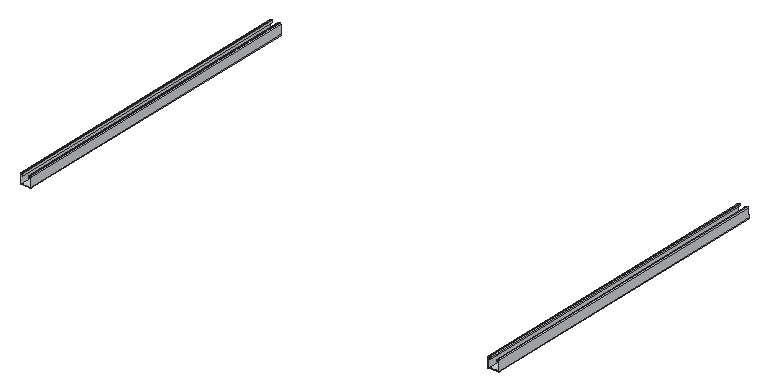
Revit family "PreFab Strut Frame 20 teir", category Electrical Fixtures, host Face, Revit 2018
Family settings
  Host = Face
  Maintain Annotation Orientation = No
  Round Connector Dimension = Use Diameter
  Part Type = Normal
  Cut with Voids When Loaded = No
  Shared = No
  Room Calculation Point = No
Parameters (values of type "PreFab Strut Frame")
  v9 [instance] = if(Strut Needed = 9, 1 < 2, if(Strut Needed = 10, 1 < 2, if(Strut Needed = 11, 1 < 2, if(Strut Needed = 12, 1 < 2, if(Strut Needed = 13, 1 < 2, if(Strut Needed = 14, 1 < 2, if(Strut Needed = 15, 1 < 2, if(Strut Needed = 16, 1 < 2, if(Strut Needed = 17, 1 < 2, if(Strut Needed = 18, 1 < 2, if(Strut Needed = 19, 1 < 2, if(Strut Needed = 20, 1 < 2, 1 > 2))))))))))))  # no
  v8 [instance] = if(Strut Needed = 8, 1 < 2, if(Strut Needed = 9, 1 < 2, if(Strut Needed = 10, 1 < 2, if(Strut Needed = 11, 1 < 2, if(Strut Needed = 12, 1 < 2, if(Strut Needed = 13, 1 < 2, if(Strut Needed = 14, 1 < 2, if(Strut Needed = 15, 1 < 2, if(Strut Needed = 16, 1 < 2, if(Strut Needed = 17, 1 < 2, if(Strut Needed = 18, 1 < 2, if(Strut Needed = 19, 1 < 2, if(Strut Needed = 20, 1 < 2, 1 > 2)))))))))))))  # no
  v7 [instance] = if(Strut Needed = 7, 1 < 2, if(Strut Needed = 8, 1 < 2, if(Strut Needed = 9, 1 < 2, if(Strut Needed = 10, 1 < 2, if(Strut Needed = 11, 1 < 2, if(Strut Needed = 12, 1 < 2, if(Strut Needed = 13, 1 < 2, if(Strut Needed = 14, 1 < 2, if(Strut Needed = 15, 1 < 2, if(Strut Needed = 16, 1 < 2, if(Strut Needed = 17, 1 < 2, if(Strut Needed = 18, 1 < 2, if(Strut Needed = 19, 1 < 2, if(Strut Needed = 20, 1 < 2, 1 > 2))))))))))))))  # no
  v6 [instance] = if(Strut Needed = 6, 1 < 2, if(Strut Needed = 7, 1 < 2, if(Strut Needed = 8, 1 < 2, if(Strut Needed = 9, 1 < 2, if(Strut Needed = 10, 1 < 2, if(Strut Needed = 11, 1 < 2, if(Strut Needed = 12, 1 < 2, if(Strut Needed = 13, 1 < 2, if(Strut Needed = 14, 1 < 2, if(Strut Needed = 15, 1 < 2, if(Strut Needed = 16, 1 < 2, if(Strut Needed = 17, 1 < 2, if(Strut Needed = 18, 1 < 2, if(Strut Needed = 19, 1 < 2, if(Strut Needed = 20, 1 < 2, 1 > 2)))))))))))))))  # no
  v5 [instance] = if(Strut Needed = 5, 1 < 2, if(Strut Needed = 6, 1 < 2, if(Strut Needed = 7, 1 < 2, if(Strut Needed = 8, 1 < 2, if(Strut Needed = 9, 1 < 2, if(Strut Needed = 10, 1 < 2, if(Strut Needed = 11, 1 < 2, if(Strut Needed = 12, 1 < 2, if(Strut Needed = 13, 1 < 2, if(Strut Needed = 14, 1 < 2, if(Strut Needed = 15, 1 < 2, if(Strut Needed = 16, 1 < 2, if(Strut Needed = 17, 1 < 2, if(Strut Needed = 18, 1 < 2, if(Strut Needed = 19, 1 < 2, if(Strut Needed = 20, 1 < 2, 1 > 2))))))))))))))))  # no
  v4 [instance] = if(Strut Needed = 4, 1 < 2, if(Strut Needed = 5, 1 < 2, if(Strut Needed = 6, 1 < 2, if(Strut Needed = 7, 1 < 2, if(Strut Needed = 8, 1 < 2, if(Strut Needed = 9, 1 < 2, if(Strut Needed = 10, 1 < 2, if(Strut Needed = 11, 1 < 2, if(Strut Needed = 12, 1 < 2, if(Strut Needed = 13, 1 < 2, if(Strut Needed = 14, 1 < 2, if(Strut Needed = 15, 1 < 2, if(Strut Needed = 16, 1 < 2, if(Strut Needed = 17, 1 < 2, if(Strut Needed = 18, 1 < 2, if(Strut Needed = 19, 1 < 2, if(Strut Needed = 20, 1 < 2, 1 > 2)))))))))))))))))  # no
  v3 [instance] = if(Strut Needed = 3, 1 < 2, if(Strut Needed = 4, 1 < 2, if(Strut Needed = 5, 1 < 2, if(Strut Needed = 6, 1 < 2, if(Strut Needed = 7, 1 < 2, if(Strut Needed = 8, 1 < 2, if(Strut Needed = 9, 1 < 2, if(Strut Needed = 10, 1 < 2, if(Strut Needed = 11, 1 < 2, if(Strut Needed = 12, 1 < 2, if(Strut Needed = 13, 1 < 2, if(Strut Needed = 14, 1 < 2, if(Strut Needed = 15, 1 < 2, if(Strut Needed = 16, 1 < 2, if(Strut Needed = 17, 1 < 2, if(Strut Needed = 18, 1 < 2, if(Strut Needed = 19, 1 < 2, if(Strut Needed = 20, 1 < 2, 1 > 2))))))))))))))))))  # no
  v20 [instance] = if(Strut Needed = 20, 1 < 2, 1 > 2)  # no
  v2 [instance] = if(Strut Needed = 2, 1 < 2, if(Strut Needed = 3, 1 < 2, if(Strut Needed = 4, 1 < 2, if(Strut Needed = 5, 1 < 2, if(Strut Needed = 6, 1 < 2, if(Strut Needed = 7, 1 < 2, if(Strut Needed = 8, 1 < 2, if(Strut Needed = 9, 1 < 2, if(Strut Needed = 10, 1 < 2, if(Strut Needed = 11, 1 < 2, if(Strut Needed = 12, 1 < 2, if(Strut Needed = 13, 1 < 2, if(Strut Needed = 14, 1 < 2, if(Strut Needed = 15, 1 < 2, if(Strut Needed = 16, 1 < 2, if(Strut Needed = 17, 1 < 2, if(Strut Needed = 18, 1 < 2, if(Strut Needed = 19, 1 < 2, if(Strut Needed = 20, 1 < 2, 1 > 2)))))))))))))))))))  # no
  v19 [instance] = if(Strut Needed = 19, 1 < 2, if(Strut Needed = 20, 1 < 2, 1 > 2))  # no
  v18 [instance] = if(Strut Needed = 18, 1 < 2, if(Strut Needed = 19, 1 < 2, if(Strut Needed = 20, 1 < 2, 1 > 2)))  # no
  v17 [instance] = if(Strut Needed = 17, 1 < 2, if(Strut Needed = 18, 1 < 2, if(Strut Needed = 19, 1 < 2, if(Strut Needed = 20, 1 < 2, 1 > 2))))  # no
  v16 [instance] = if(Strut Needed = 16, 1 < 2, if(Strut Needed = 17, 1 < 2, if(Strut Needed = 18, 1 < 2, if(Strut Needed = 19, 1 < 2, if(Strut Needed = 20, 1 < 2, 1 > 2)))))  # no
  v15 [instance] = if(Strut Needed = 15, 1 < 2, if(Strut Needed = 16, 1 < 2, if(Strut Needed = 17, 1 < 2, if(Strut Needed = 18, 1 < 2, if(Strut Needed = 19, 1 < 2, if(Strut Needed = 20, 1 < 2, 1 > 2))))))  # no
  v14 [instance] = if(Strut Needed = 14, 1 < 2, if(Strut Needed = 15, 1 < 2, if(Strut Needed = 16, 1 < 2, if(Strut Needed = 17, 1 < 2, if(Strut Needed = 18, 1 < 2, if(Strut Needed = 19, 1 < 2, if(Strut Needed = 20, 1 < 2, 1 > 2)))))))  # no
  v13 [instance] = if(Strut Needed = 13, 1 < 2, if(Strut Needed = 14, 1 < 2, if(Strut Needed = 15, 1 < 2, if(Strut Needed = 16, 1 < 2, if(Strut Needed = 17, 1 < 2, if(Strut Needed = 18, 1 < 2, if(Strut Needed = 19, 1 < 2, if(Strut Needed = 20, 1 < 2, 1 > 2))))))))  # no
  v12 [instance] = if(Strut Needed = 12, 1 < 2, if(Strut Needed = 13, 1 < 2, if(Strut Needed = 14, 1 < 2, if(Strut Needed = 15, 1 < 2, if(Strut Needed = 16, 1 < 2, if(Strut Needed = 17, 1 < 2, if(Strut Needed = 18, 1 < 2, if(Strut Needed = 19, 1 < 2, if(Strut Needed = 20, 1 < 2, 1 > 2)))))))))  # no
  v11 [instance] = if(Strut Needed = 11, 1 < 2, if(Strut Needed = 12, 1 < 2, if(Strut Needed = 13, 1 < 2, if(Strut Needed = 14, 1 < 2, if(Strut Needed = 15, 1 < 2, if(Strut Needed = 16, 1 < 2, if(Strut Needed = 17, 1 < 2, if(Strut Needed = 18, 1 < 2, if(Strut Needed = 19, 1 < 2, if(Strut Needed = 20, 1 < 2, 1 > 2))))))))))  # no
  v10 [instance] = if(Strut Needed = 10, 1 < 2, if(Strut Needed = 11, 1 < 2, if(Strut Needed = 12, 1 < 2, if(Strut Needed = 13, 1 < 2, if(Strut Needed = 14, 1 < 2, if(Strut Needed = 15, 1 < 2, if(Strut Needed = 16, 1 < 2, if(Strut Needed = 17, 1 < 2, if(Strut Needed = 18, 1 < 2, if(Strut Needed = 19, 1 < 2, if(Strut Needed = 20, 1 < 2, 1 > 2)))))))))))  # no
  v1 [instance] = if(Strut Needed = 1, 1 < 2, if(Strut Needed = 2, 1 < 2, if(Strut Needed = 3, 1 < 2, if(Strut Needed = 4, 1 < 2, if(Strut Needed = 5, 1 < 2, if(Strut Needed = 6, 1 < 2, if(Strut Needed = 7, 1 < 2, if(Strut Needed = 8, 1 < 2, if(Strut Needed = 9, 1 < 2, if(Strut Needed = 10, 1 < 2, if(Strut Needed = 11, 1 < 2, if(Strut Needed = 12, 1 < 2, if(Strut Needed = 13, 1 < 2, if(Strut Needed = 14, 1 < 2, if(Strut Needed = 15, 1 < 2, if(Strut Needed = 16, 1 < 2, if(Strut Needed = 17, 1 < 2, if(Strut Needed = 18, 1 < 2, if(Strut Needed = 19, 1 < 2, if(Strut Needed = 20, 1 < 2, 1 > 2))))))))))))))))))))  # no
  Width of Frame [instance] = 6' - 0"
  Right Overhang [instance] = 0' - 0 13/16"  # constant formula
  Strut Needed [instance] = 0
  Left Overhang [instance] = 0' - 0 13/16"  # constant formula
  Height of 9th Strut [instance] = 1' - 6"
  Height of 8th Strut [instance] = 1' - 4"
  Height of 7th Strut [instance] = 1' - 2"
  Height of 6th Strut [instance] = 1' - 0"
  Height of 3rd Strut [instance] = 0' - 6"
  Height of 5th Strut [instance] = 0' - 10"
  Height of 4th Strut [instance] = 0' - 8"
  Height of 2nd Strut [instance] = 0' - 4"
  Height of 20th Strut [instance] = 3' - 4"
  Height of 1st Strut [instance] = 0' - 2"
  Height of 19th Strut [instance] = 3' - 2"
  Height of 18th Strut [instance] = 3' - 0"
  Height of 17th Strut [instance] = 2' - 10"
  Height of 16th Strut [instance] = 2' - 8"
  Height of 15th Strut [instance] = 2' - 6"
  Height of 14th Strut [instance] = 2' - 4"
  Height of 13th Strut [instance] = 2' - 2"
  Height of 12th Strut [instance] = 2' - 0"
  Height of 11th Strut [instance] = 1' - 10"
  Height of 10th Strut [instance] = 1' - 8"
  Height Of Vertical Strut [instance] = 4' - 0"
  Floor Base Plates [instance] = no
  Default Elevation = 4' - 0"
Reference planes (in)
  plane 1 "Center (Front/Back)": y = 0
  plane 2: z = 0
  plane 3 "Center (Left/Right)": x = 0
  plane 4: x = -36
  plane 5: x = 36
  plane 6: y = 36
  plane 7: y = -12
  plane 8: y = -10
  plane 9: z = 1.625
  plane 10: x = 36.8125
  plane 11: x = -36.8125
  plane 12: y = -8
  plane 13: y = -6
  plane 14: y = -4
  plane 15: y = -2
  plane 16: y = 0
  plane 17: y = 2
  plane 18: y = 4
  plane 19: y = 6
  plane 20: y = 8
  plane 21: y = 10
  plane 22: y = 12
  plane 23: y = 14
  plane 24: y = 16
  plane 25: y = 18
  plane 26: y = 20
  plane 27: y = 22
  plane 28: y = 24
  plane 29: y = 26
  plane 30: y = 28
Dimensions and locks (in)
  "Height Of Vertical Strut": plane 7 to plane 6
  equal spacing: plane 4, plane 3 "Center (Left/Right)", plane 5
  "Width of Frame": plane 4 to plane 5
  "Left Overhang": plane 11 to plane 4
  "Right Overhang": plane 5 to plane 10
  "Height of 1st Strut": plane 8 to plane 7
  "Height of 2nd Strut": plane 12 to plane 7
  "Height of 3rd Strut": plane 13 to plane 7
  "Height of 4th Strut": plane 14 to plane 7
  "Height of 5th Strut": plane 15 to plane 7
  "Height of 6th Strut": plane 16 to plane 7
  "Height of 7th Strut": plane 17 to plane 7
  "Height of 8th Strut": plane 18 to plane 7
  "Height of 9th Strut": plane 19 to plane 7
  "Height of 10th Strut": plane 20 to plane 7
  "Height of 11th Strut": plane 21 to plane 7
  "Height of 12th Strut": plane 22 to plane 7
  "Height of 13th Strut": plane 23 to plane 7
  "Height of 14th Strut": plane 24 to plane 7
  "Height of 15th Strut": plane 25 to plane 7
  "Height of 16th Strut": plane 26 to plane 7
  "Height of 17th Strut": plane 27 to plane 7
  "Height of 18th Strut": plane 28 to plane 7
  "Height of 19th Strut": plane 29 to plane 7
  "Height of 20th Strut": plane 30 to plane 7
  aligned and locked: plane 2 to host face
  aligned and locked: level to host face
  aligned and locked: nested 3 to plane 8
  aligned and locked: plane 10 to nested 3
  aligned and locked: plane 11 to nested 3
  aligned and locked: nested 22 to plane 30
  aligned and locked: nested 21 to plane 29
  aligned and locked: nested 20 to plane 28
  aligned and locked: nested 19 to plane 27
  aligned and locked: nested 18 to plane 26
  aligned and locked: nested 17 to plane 25
  aligned and locked: nested 16 to plane 24
  aligned and locked: nested 15 to plane 23
  aligned and locked: nested 14 to plane 22
  aligned and locked: nested 13 to plane 21
  aligned and locked: nested 12 to plane 20
  aligned and locked: nested 11 to plane 19
  aligned and locked: nested 10 to plane 18
  aligned and locked: nested 9 to plane 17
  aligned and locked: nested 8 to plane 16
  aligned and locked: nested 7 to plane 15
  aligned and locked: nested 6 to plane 14
  aligned and locked: nested 5 to plane 13
  aligned and locked: nested 4 to plane 12
  aligned and locked: nested 1 to plane 6
  aligned and locked: plane 7 to nested 1
  aligned and locked: plane 4 to nested 1
  aligned and locked: plane 5 to nested 2
  aligned and locked: plane 7 to nested 2
  aligned and locked: plane 11 to nested 22
  aligned and locked: plane 11 to nested 21
  aligned and locked: plane 11 to nested 20
  aligned and locked: plane 11 to nested 19
  aligned and locked: plane 11 to nested 18
  aligned and locked: plane 11 to nested 17
  aligned and locked: plane 11 to nested 16
  aligned and locked: plane 11 to nested 15
  aligned and locked: plane 11 to nested 14
  aligned and locked: plane 11 to nested 13
  aligned and locked: plane 11 to nested 12
  aligned and locked: plane 11 to nested 11
  aligned and locked: plane 11 to nested 10
  aligned and locked: plane 11 to nested 9
  aligned and locked: plane 11 to nested 8
  aligned and locked: plane 11 to nested 7
  aligned and locked: plane 11 to nested 6
  aligned and locked: plane 11 to nested 5
  aligned and locked: plane 11 to nested 4
  aligned and locked: plane 10 to nested 4
  aligned and locked: plane 10 to nested 5
  aligned and locked: plane 10 to nested 6
  aligned and locked: plane 10 to nested 7
  aligned and locked: plane 10 to nested 8
  aligned and locked: plane 10 to nested 9
  aligned and locked: plane 10 to nested 10
  aligned and locked: plane 10 to nested 11
  aligned and locked: plane 10 to nested 12
  aligned and locked: plane 10 to nested 13
  aligned and locked: plane 10 to nested 14
  aligned and locked: plane 10 to nested 15
  aligned and locked: plane 10 to nested 16
  aligned and locked: plane 10 to nested 17
  aligned and locked: plane 10 to nested 18
  aligned and locked: plane 10 to nested 19
  aligned and locked: plane 10 to nested 20
  aligned and locked: plane 10 to nested 21
  aligned and locked: plane 10 to nested 22
  aligned and locked: plane 4 to nested 23
  aligned and locked: plane 5 to nested 24
  aligned and locked: nested 2 to plane 6
Automatic sketch dimensions
  host sketch curve to host sketch curve = 8' - 0"  (x2)
Nested families (in)
  nested 1: "Unistrut" at (-36, 12, 0) x (0, 1, 0) z (0, 0, 1), type "Unistrut - Side Facing - 1 5/8""
    with Strut Length 4' - 0", Spacing From Wall 0' - 0"
  nested 2: "Unistrut" at (36, 12, 0) x (0, 1, 0) z (0, 0, 1), type "Unistrut - Side Facing - 1 5/8""
    with Strut Length 4' - 0", Spacing From Wall 0' - 0"
  nested 3: "Unistrut" at (0, -10, 1.625), visible <- "v1", type "Unistrut - Side Facing - 13/16""
    with Strut Length 6' - 1 5/8", Spacing From Wall 0' - 0"
  nested 4: "Unistrut" at (0, -8, 1.625), visible <- "v2", type "Unistrut - Side Facing - 13/16""
    with Strut Length 6' - 1 5/8", Spacing From Wall 0' - 0"
  nested 5: "Unistrut" at (0, -6, 1.625), visible <- "v3", type "Unistrut - Side Facing - 13/16""
    with Strut Length 6' - 1 5/8", Spacing From Wall 0' - 0"
  nested 6: "Unistrut" at (0, -4, 1.625), visible <- "v4", type "Unistrut - Side Facing - 13/16""
    with Strut Length 6' - 1 5/8", Spacing From Wall 0' - 0"
  nested 7: "Unistrut" at (0, -2, 1.625), visible <- "v5", type "Unistrut - Side Facing - 13/16""
    with Strut Length 6' - 1 5/8", Spacing From Wall 0' - 0"
  nested 8: "Unistrut" at (0, 0, 1.625), visible <- "v6", type "Unistrut - Side Facing - 13/16""
    with Strut Length 6' - 1 5/8", Spacing From Wall 0' - 0"
  nested 9: "Unistrut" at (0, 2, 1.625), visible <- "v7", type "Unistrut - Side Facing - 13/16""
    with Strut Length 6' - 1 5/8", Spacing From Wall 0' - 0"
  nested 10: "Unistrut" at (0, 4, 1.625), visible <- "v8", type "Unistrut - Side Facing - 13/16""
    with Strut Length 6' - 1 5/8", Spacing From Wall 0' - 0"
  nested 11: "Unistrut" at (0, 6, 1.625), visible <- "v9", type "Unistrut - Side Facing - 13/16""
    with Strut Length 6' - 1 5/8", Spacing From Wall 0' - 0"
  nested 12: "Unistrut" at (0, 8, 1.625), visible <- "v10", type "Unistrut - Side Facing - 13/16""
    with Strut Length 6' - 1 5/8", Spacing From Wall 0' - 0"
  nested 13: "Unistrut" at (0, 10, 1.625), visible <- "v11", type "Unistrut - Side Facing - 13/16""
    with Strut Length 6' - 1 5/8", Spacing From Wall 0' - 0"
  nested 14: "Unistrut" at (0, 12, 1.625), visible <- "v12", type "Unistrut - Side Facing - 13/16""
    with Strut Length 6' - 1 5/8", Spacing From Wall 0' - 0"
  nested 15: "Unistrut" at (0, 14, 1.625), visible <- "v13", type "Unistrut - Side Facing - 13/16""
    with Strut Length 6' - 1 5/8", Spacing From Wall 0' - 0"
  nested 16: "Unistrut" at (0, 16, 1.625), visible <- "v14", type "Unistrut - Side Facing - 13/16""
    with Strut Length 6' - 1 5/8", Spacing From Wall 0' - 0"
  nested 17: "Unistrut" at (0, 18, 1.625), visible <- "v15", type "Unistrut - Side Facing - 13/16""
    with Strut Length 6' - 1 5/8", Spacing From Wall 0' - 0"
  nested 18: "Unistrut" at (0, 20, 1.625), visible <- "v16", type "Unistrut - Side Facing - 13/16""
    with Strut Length 6' - 1 5/8", Spacing From Wall 0' - 0"
  nested 19: "Unistrut" at (0, 22, 1.625), visible <- "v17", type "Unistrut - Side Facing - 13/16""
    with Strut Length 6' - 1 5/8", Spacing From Wall 0' - 0"
  nested 20: "Unistrut" at (0, 24, 1.625), visible <- "v18", type "Unistrut - Side Facing - 13/16""
    with Strut Length 6' - 1 5/8", Spacing From Wall 0' - 0"
  nested 21: "Unistrut" at (0, 26, 1.625), visible <- "v19", type "Unistrut - Side Facing - 13/16""
    with Strut Length 6' - 1 5/8", Spacing From Wall 0' - 0"
  nested 22: "Unistrut" at (0, 28, 1.625), visible <- "v20", type "Unistrut - Side Facing - 13/16""
    with Strut Length 6' - 1 5/8", Spacing From Wall 0' - 0"
  nested 23: "'18 - Floor Mounting Base Plate - face based" at (-36, -12, 0.8125) x (1, 0, 0) z (0, 1, 0), visible <- "Floor Base Plates", type "'18 - Floor Mounting Base Plate - face based"
  nested 24: "'18 - Floor Mounting Base Plate - face based" at (36, -12, 0.8125) x (-1, 0, 0) z (0, 1, 0), visible <- "Floor Base Plates", type "'18 - Floor Mounting Base Plate - face based"
Definition of nested family "Unistrut"
  Parameters (values of type "Unistrut - Up Facing - 1 5/8"")
    Up Facing Small = if(and(Strut Size = 0' 0 13/16", Up), 1 = 1, 1 = 2)  # no
    Up Facing Big = if(and(Strut Size = 0' 1 5/8", Up), 1 = 1, 1 = 2)  # yes
    Up = yes
    Strut Size = 0' - 1 5/8"
    Strut Length [instance] = 1' - 0"
    Spacing From Wall [instance] = 0' - 0"
    Side Facing Small = if(and(Strut Size = 0' 0 13/16", Side), 1 = 1, 1 = 2)  # no
    Side Facing Big = if(and(Strut Size = 0' 1 5/8", Side), 1 = 1, 1 = 2)  # no
    Side = no
    Down Facing Small = if(and(Strut Size = 0' 0 13/16", Down), 1 = 1, 1 = 2)  # no
    Down Facing Big = if(and(Strut Size = 0' 1 5/8", Down), 1 = 1, 1 = 2)  # no
    Down = no
    Default Elevation = 4' - 0"
  Types (6): name | Up Facing Small | Up Facing Big | Up | Strut Size | Side Facing Small | Side Facing Big | Side | Down Facing Small | Down Facing Big | Down
    Unistrut - Side Facing - 13/16" | no | no | no | 0' - 0 13/16" | yes | no | yes | no | no | no
    Unistrut - Side Facing - 1 5/8" | no | no | no | 0' - 1 5/8" | no | yes | yes | no | no | no
    Unistrut - Down Facing - 13/16" | no | no | no | 0' - 0 13/16" | no | no | no | yes | no | yes
    Unistrut - Down Facing - 1 5/8" | no | no | no | 0' - 1 5/8" | no | no | no | no | yes | yes
    Unistrut - Up Facing - 13/16" | yes | no | yes | 0' - 0 13/16" | no | no | no | no | no | no
    Unistrut - Up Facing - 1 5/8" | no | yes | yes | 0' - 1 5/8" | no | no | no | no | no | no
  Reference planes (in)
    plane 1 "Center (Front/Back)": y = 0
    plane 2: z = 0
    plane 3 "Center (Left/Right)": x = 0
    plane 4: x = -6
    plane 5: x = 6
    plane 6: z = 0
  Forms (in)
    Extrusion 1, solid
      sketch origin (0, 0, 0) x (1, 0, 0) y (0, 1, 0)
        loop
          line (-48, 48) -> (-48, -48) -> (48, -48) -> (48, 48) -> (-48, 48)
      from 0 to -12
  Dimensions and locks (in)
    equal spacing: plane 4, plane 3 "Center (Left/Right)", plane 5
    "Strut Length": plane 4 to plane 5
    "Spacing From Wall": plane 6 to Extrusion 1
    aligned and locked: plane 2 to Extrusion 1
    aligned and locked: level to Extrusion 1
    aligned and locked: plane 5 to nested 4
    aligned and locked: plane 4 to nested 3
    aligned and locked: plane 5 to nested 3
    aligned and locked: nested 1 to plane 5
    aligned and locked: nested 1 to plane 4
    aligned and locked: plane 4 to nested 2
    aligned and locked: plane 5 to nested 2
    aligned and locked: plane 4 to nested 4
    aligned and locked: nested 4 to plane 6
    aligned and locked: nested 2 to plane 6
    aligned and locked: nested 1 to plane 6
    aligned and locked: nested 3 to plane 6
    aligned and locked: plane 4 to nested 6
    aligned and locked: plane 5 to nested 6
    aligned and locked: plane 5 to nested 5
    aligned and locked: plane 4 to nested 5
    aligned and locked: nested 6 to plane 6
    aligned and locked: nested 5 to plane 6
  Automatic sketch dimensions
    Extrusion 1 sketch curve to Extrusion 1 sketch curve = 8' - 0"  (x2)
  Nested families (in)
    nested 1: "Unistrut Model Base - 13_16 in - Up Open" at (0, 0.7378374, 0.8125) x (-1, 0, 0) z (0, 0, 1), visible <- "Side Facing Small", type "Unistrut Model Base - 13_16 in - Up Open"
      with Strut Length 1' - 0"
    nested 2: "Unistrut Model Base - 1_5_8th in - Up Open" at (0, -0.8871626, 1.625), visible <- "Side Facing Big", type "Unistrut Model Base - 1_5_8th in - Up Open"
      with Strut length 1' - 0"
    nested 3: "Unistrut Model Base - 13_16 in - Side Open Rev" at (0, -0.8871626, 1.625), visible <- "Up Facing Small", type "Unistrut Model Base - 13_16 in - Side Open Rev"
      with Strut Length 1' - 0"
    nested 4: "Unistrut Model Base - 1_5_8th in - Side Open Rev" at (0, -0.8871626, 1.625), visible <- "Up Facing Big", type "Unistrut Model Base - 1_5_8th in - Side Open Rev"
      with Strut length 1' - 0"
    nested 5: "Unistrut Model Base - 13_16 in - Side Open" at (0, -0.8871626, 1.625), visible <- "Down Facing Small", type "Unistrut Model Base - 13_16 in - Side Open"
      with Strut Length 1' - 0"
    nested 6: "Unistrut Model Base - 1_5_8th in - Side Open" at (0, -0.8871626, 1.625), visible <- "Down Facing Big", type "Unistrut Model Base - 1_5_8th in - Side Open"
      with Strut length 1' - 0"
  Definition of nested family "Unistrut Model Base - 13_16 in - Up Open"
    Parameters (values of type "Unistrut Model Base - 13_16 in - Up Open")
      Strut Length [instance] = 1' - 0"
    Reference planes (in)
      plane 1 "Center (Front/Back)": y = 0
      plane 2: z = 0
      plane 3 "Center (Left/Right)": x = 0
      plane 4: x = -6
      plane 5: x = 6
    Forms (in)
      Extrusion 1, solid
        sketch origin (-5.7627427, 0.8125, -0.7335111) x (0, 1, 0) y (0, 0, 1)
          loop
            arc (0.8125, 0.5529358) -> (0.7571472, 0.6830931) -> (0.625, 0.7335111) r 0.1807032
            arc (0.625, 0.7335111) -> (0.569591, 0.7281314) -> (0.5152046, 0.716248) r 0.4707323
            arc (0.5152046, 0.716248) -> (0.4696731, 0.6924996) -> (0.4374999, 0.6524746) r 0.1252403
            line (0.4374999, 0.6524746) -> (0.4374999, 0.4522611) -> (0.4999999, 0.4522611) -> (0.4999999, 0.6347135)
            arc (0.4999999, 0.6347135) -> (0.5143826, 0.6479309) -> (0.5321332, 0.6560843) r 0.0627403
            arc (0.5321332, 0.6560843) -> (0.5792986, 0.6663899) -> (0.6273508, 0.6710553) r 0.4082323
            arc (0.6273508, 0.6710553) -> (0.7137921, 0.6380755) -> (0.75, 0.5529358) r 0.1182032
            line (0.75, 0.5529358) -> (0.75, -0.0164889) -> (-0.75, -0.0164889) -> (-0.75, 0.5529358)
            arc (-0.75, 0.5529358) -> (-0.7137921, 0.6380755) -> (-0.6273508, 0.6710553) r 0.1182032
            arc (-0.6273508, 0.6710553) -> (-0.5792986, 0.6663899) -> (-0.5321332, 0.6560843) r 0.4082323
            arc (-0.5321332, 0.6560843) -> (-0.5143826, 0.6479309) -> (-0.4999999, 0.6347135) r 0.0627403
            line (-0.4999999, 0.6347135) -> (-0.4999999, 0.4522611) -> (-0.4374999, 0.4522611) -> (-0.4374999, 0.6524746)
            arc (-0.4374999, 0.6524746) -> (-0.4696731, 0.6924996) -> (-0.5152046, 0.716248) r 0.1252403
            arc (-0.5152046, 0.716248) -> (-0.569591, 0.7281314) -> (-0.625, 0.7335111) r 0.4707323
            arc (-0.625, 0.7335111) -> (-0.7571472, 0.6830931) -> (-0.8125, 0.5529358) r 0.1807032
            line (-0.8125, 0.5529358) -> (-0.8125, -0.0477389)
            arc (-0.8125, -0.0477389) -> (-0.8033471, -0.069836) -> (-0.78125, -0.0789889) r 0.03125
            line (-0.78125, -0.0789889) -> (0.78125, -0.0789889)
            arc (0.78125, -0.0789889) -> (0.8033471, -0.069836) -> (0.8125, -0.0477389) r 0.03125
            line (0.8125, -0.0477389) -> (0.8125, 0.5529358)
        from -0.2372573 to 11.7627427
    Dimensions and locks (in)
      equal spacing: plane 4, plane 3 "Center (Left/Right)", plane 5
      "Strut Length": plane 4 to plane 5
      aligned and locked: plane 2 to level
      aligned and locked: Extrusion 1 to plane 4
      aligned and locked: plane 5 to Extrusion 1
    Automatic sketch dimensions
      Extrusion 1 sketch curve to Extrusion 1 sketch curve = 0' - 0"  (x14)
      Extrusion 1 sketch curve to plane 1 "Center (Front/Back)" = 0' - 0"
      Extrusion 1 sketch curve to level = 0' - 0"  (x4)
      Extrusion 1 sketch curve to plane 1 "Center (Front/Back)" = 0' - 0 1/32"
      Extrusion 1 sketch curve to plane 1 "Center (Front/Back)" = 0' - 0 1/16"
      Extrusion 1 sketch curve to plane 1 "Center (Front/Back)" = 0' - 0.16979"
      Extrusion 1 sketch curve to Extrusion 1 sketch curve = 0' - 0.1182"
      Extrusion 1 sketch curve to Extrusion 1 sketch curve = 0' - 0.08267"  (x2)
      Extrusion 1 sketch curve to Extrusion 1 sketch curve = 0' - 0.04913"  (x2)
      Extrusion 1 sketch curve to Extrusion 1 sketch curve = 0' - 0 1/16"  (x2)
      Extrusion 1 sketch curve to level = 0' - 0 9/32"
      Extrusion 1 sketch curve to Extrusion 1 sketch curve = 0' - 0 7/8"
      Extrusion 1 sketch curve to Extrusion 1 sketch curve = 0' - 0.14271"
      Extrusion 1 sketch curve to Extrusion 1 sketch curve = 0' - 0.10729"
      Extrusion 1 sketch curve to Extrusion 1 sketch curve = 0' - 0 1/32"  (x3)
      Extrusion 1 sketch curve to level = 0' - 0.4704"
      Extrusion 1 sketch curve to Extrusion 1 sketch curve = 0' - 0.18915"
      Extrusion 1 sketch curve to Extrusion 1 sketch curve = 0' - 0.2796"
      Extrusion 1 sketch curve to Extrusion 1 sketch curve = 0' - 0.10067"
      Extrusion 1 sketch curve to Extrusion 1 sketch curve = 0' - 0.04275"  (x2)
      Extrusion 1 sketch curve to Extrusion 1 sketch curve = 0' - 0.03902"  (x2)
      Extrusion 1 sketch curve to Extrusion 1 sketch curve = 0' - 0.01776"  (x2)
  Definition of nested family "Unistrut Model Base - 1_5_8th in - Up Open"
    Parameters (values of type "Unistrut Model Base - 1_5_8th in - Up Open")
      Strut length [instance] = 1' - 0"
    Reference planes (in)
      plane 1 "Center (Front/Back)": y = 0
      plane 2: z = 0
      plane 3 "Center (Left/Right)": x = 0
      plane 4: x = -6
      plane 5: x = 6
    Forms (in)
      Extrusion 1, solid
        sketch origin (12.75, 0.8125, -1.5460111) x (0, 1, 0) y (0, 0, 1)
          loop
            arc (0.8125, 1.3654358) -> (0.7571472, 1.4955931) -> (0.625, 1.5460111) r 0.1807032
            arc (0.625, 1.5460111) -> (0.569591, 1.5406314) -> (0.5152046, 1.528748) r 0.4707323
            arc (0.5152046, 1.528748) -> (0.4696731, 1.5049996) -> (0.4374999, 1.4649746) r 0.1252403
            line (0.4374999, 1.4649746) -> (0.4374999, 1.2647611) -> (0.4999999, 1.2647611) -> (0.4999999, 1.4472135)
            arc (0.4999999, 1.4472135) -> (0.5143826, 1.4604309) -> (0.5321332, 1.4685843) r 0.0627403
            arc (0.5321332, 1.4685843) -> (0.5792986, 1.4788899) -> (0.6273508, 1.4835553) r 0.4082323
            arc (0.6273508, 1.4835553) -> (0.7137921, 1.4505755) -> (0.75, 1.3654358) r 0.1182032
            line (0.75, 1.3654358) -> (0.75, -0.0164889) -> (-0.75, -0.0164889) -> (-0.75, 1.3654358)
            arc (-0.75, 1.3654358) -> (-0.7137921, 1.4505755) -> (-0.6273508, 1.4835553) r 0.1182032
            arc (-0.6273508, 1.4835553) -> (-0.5792986, 1.4788899) -> (-0.5321332, 1.4685843) r 0.4082323
            arc (-0.5321332, 1.4685843) -> (-0.5143826, 1.4604309) -> (-0.4999999, 1.4472135) r 0.0627403
            line (-0.4999999, 1.4472135) -> (-0.4999999, 1.2647611) -> (-0.4374999, 1.2647611) -> (-0.4374999, 1.4649746)
            arc (-0.4374999, 1.4649746) -> (-0.4696731, 1.5049996) -> (-0.5152046, 1.528748) r 0.1252403
            arc (-0.5152046, 1.528748) -> (-0.569591, 1.5406314) -> (-0.625, 1.5460111) r 0.4707323
            arc (-0.625, 1.5460111) -> (-0.7571472, 1.4955931) -> (-0.8125, 1.3654358) r 0.1807032
            line (-0.8125, 1.3654358) -> (-0.8125, -0.0477389)
            arc (-0.8125, -0.0477389) -> (-0.8033471, -0.069836) -> (-0.78125, -0.0789889) r 0.03125
            line (-0.78125, -0.0789889) -> (0.78125, -0.0789889)
            arc (0.78125, -0.0789889) -> (0.8033471, -0.069836) -> (0.8125, -0.0477389) r 0.03125
            line (0.8125, -0.0477389) -> (0.8125, 1.3654358)
        from -18.75 to -6.75
    Dimensions and locks (in)
      equal spacing: plane 4, plane 3 "Center (Left/Right)", plane 5
      "Strut length": plane 4 to plane 5
      aligned and locked: plane 2 to level
      aligned and locked: Extrusion 1 to plane 4
      aligned and locked: plane 5 to Extrusion 1
    Automatic sketch dimensions
      Extrusion 1 sketch curve to Extrusion 1 sketch curve = 0' - 0"  (x14)
      Extrusion 1 sketch curve to plane 1 "Center (Front/Back)" = 0' - 0"
      Extrusion 1 sketch curve to level = 0' - 0"  (x4)
      Extrusion 1 sketch curve to plane 1 "Center (Front/Back)" = 0' - 0 1/32"
      Extrusion 1 sketch curve to plane 1 "Center (Front/Back)" = 0' - 0 1/16"
      Extrusion 1 sketch curve to plane 1 "Center (Front/Back)" = 0' - 0.16979"
      Extrusion 1 sketch curve to Extrusion 1 sketch curve = 0' - 0.1182"
      Extrusion 1 sketch curve to Extrusion 1 sketch curve = 0' - 0.08267"  (x2)
      Extrusion 1 sketch curve to Extrusion 1 sketch curve = 0' - 0.04913"  (x2)
      Extrusion 1 sketch curve to Extrusion 1 sketch curve = 0' - 0 1/16"  (x2)
      Extrusion 1 sketch curve to level = 0' - 0 9/32"
      Extrusion 1 sketch curve to Extrusion 1 sketch curve = 0' - 0 7/8"
      Extrusion 1 sketch curve to Extrusion 1 sketch curve = 0' - 0.14271"
      Extrusion 1 sketch curve to Extrusion 1 sketch curve = 0' - 0.10729"
      Extrusion 1 sketch curve to Extrusion 1 sketch curve = 0' - 0 1/32"  (x3)
      Extrusion 1 sketch curve to level = 0' - 0.4704"
      Extrusion 1 sketch curve to Extrusion 1 sketch curve = 0' - 0.18915"
      Extrusion 1 sketch curve to Extrusion 1 sketch curve = 0' - 1.0921"
      Extrusion 1 sketch curve to Extrusion 1 sketch curve = 0' - 0.10067"
      Extrusion 1 sketch curve to Extrusion 1 sketch curve = 0' - 0.04275"  (x2)
      Extrusion 1 sketch curve to Extrusion 1 sketch curve = 0' - 0.03902"  (x2)
      Extrusion 1 sketch curve to Extrusion 1 sketch curve = 0' - 0.01776"  (x2)
  Definition of nested family "Unistrut Model Base - 13_16 in - Side Open Rev"
    Parameters (values of type "Unistrut Model Base - 13_16 in - Side Open")
      Strut Length [instance] = 1' - 0"
    Reference planes (in)
      plane 1 "Center (Front/Back)": y = 0
      plane 2: z = 0
      plane 3 "Center (Left/Right)": x = 0
      plane 4: x = -6
      plane 5: x = 6
    Forms (in)
      Extrusion 1, solid
        sketch origin (-5.7627427, 0.0789889, -0.8125) x (0, 0, -1) y (0, 1, 0)
          loop
            arc (0.8125, 0.5529358) -> (0.7571472, 0.6830931) -> (0.625, 0.7335111) r 0.1807032
            arc (0.625, 0.7335111) -> (0.569591, 0.7281314) -> (0.5152046, 0.716248) r 0.4707323
            arc (0.5152046, 0.716248) -> (0.4696731, 0.6924996) -> (0.4374999, 0.6524746) r 0.1252403
            line (0.4374999, 0.6524746) -> (0.4374999, 0.4522611) -> (0.4999999, 0.4522611) -> (0.4999999, 0.6347135)
            arc (0.4999999, 0.6347135) -> (0.5143826, 0.6479309) -> (0.5321332, 0.6560843) r 0.0627403
            arc (0.5321332, 0.6560843) -> (0.5792986, 0.6663899) -> (0.6273508, 0.6710553) r 0.4082323
            arc (0.6273508, 0.6710553) -> (0.7137921, 0.6380755) -> (0.75, 0.5529358) r 0.1182032
            line (0.75, 0.5529358) -> (0.75, -0.0164889) -> (-0.75, -0.0164889) -> (-0.75, 0.5529358)
            arc (-0.75, 0.5529358) -> (-0.7137921, 0.6380755) -> (-0.6273508, 0.6710553) r 0.1182032
            arc (-0.6273508, 0.6710553) -> (-0.5792986, 0.6663899) -> (-0.5321332, 0.6560843) r 0.4082323
            arc (-0.5321332, 0.6560843) -> (-0.5143826, 0.6479309) -> (-0.4999999, 0.6347135) r 0.0627403
            line (-0.4999999, 0.6347135) -> (-0.4999999, 0.4522611) -> (-0.4374999, 0.4522611) -> (-0.4374999, 0.6524746)
            arc (-0.4374999, 0.6524746) -> (-0.4696731, 0.6924996) -> (-0.5152046, 0.716248) r 0.1252403
            arc (-0.5152046, 0.716248) -> (-0.569591, 0.7281314) -> (-0.625, 0.7335111) r 0.4707323
            arc (-0.625, 0.7335111) -> (-0.7571472, 0.6830931) -> (-0.8125, 0.5529358) r 0.1807032
            line (-0.8125, 0.5529358) -> (-0.8125, -0.0477389)
            arc (-0.8125, -0.0477389) -> (-0.8033471, -0.069836) -> (-0.78125, -0.0789889) r 0.03125
            line (-0.78125, -0.0789889) -> (0.78125, -0.0789889)
            arc (0.78125, -0.0789889) -> (0.8033471, -0.069836) -> (0.8125, -0.0477389) r 0.03125
            line (0.8125, -0.0477389) -> (0.8125, 0.5529358)
        from -0.2372573 to 11.7627427
    Dimensions and locks (in)
      equal spacing: plane 4, plane 3 "Center (Left/Right)", plane 5
      "Strut Length": plane 4 to plane 5
      aligned and locked: plane 2 to level
      aligned and locked: Extrusion 1 to plane 4
      aligned and locked: plane 5 to Extrusion 1
    Automatic sketch dimensions
      Extrusion 1 sketch curve to Extrusion 1 sketch curve = 0' - 0"  (x16)
      Extrusion 1 sketch curve to level = 0' - 0"
      Extrusion 1 sketch curve to plane 1 "Center (Front/Back)" = 0' - 0"
      Extrusion 1 sketch curve to Extrusion 1 sketch curve = 0' - 0 1/32"  (x3)
      Extrusion 1 sketch curve to Extrusion 1 sketch curve = 0' - 0 1/16"  (x3)
      Extrusion 1 sketch curve to level = 0' - 0.16979"
      Extrusion 1 sketch curve to Extrusion 1 sketch curve = 0' - 0.1182"
      Extrusion 1 sketch curve to Extrusion 1 sketch curve = 0' - 0.08267"  (x2)
      Extrusion 1 sketch curve to Extrusion 1 sketch curve = 0' - 0.04913"  (x2)
      Extrusion 1 sketch curve to Extrusion 1 sketch curve = 0' - 0 7/8"
      Extrusion 1 sketch curve to Extrusion 1 sketch curve = 0' - 0.14271"
      Extrusion 1 sketch curve to plane 1 "Center (Front/Back)" = 0' - 0 1/16"
      Extrusion 1 sketch curve to Extrusion 1 sketch curve = 0' - 0.10729"
      Extrusion 1 sketch curve to Extrusion 1 sketch curve = 0' - 0.2796"  (x2)
      Extrusion 1 sketch curve to Extrusion 1 sketch curve = 0' - 0.18915"  (x2)
      Extrusion 1 sketch curve to Extrusion 1 sketch curve = 0' - 0.10067"  (x2)
      Extrusion 1 sketch curve to Extrusion 1 sketch curve = 0' - 0.04275"  (x2)
      Extrusion 1 sketch curve to Extrusion 1 sketch curve = 0' - 0.03902"  (x2)
      Extrusion 1 sketch curve to Extrusion 1 sketch curve = 0' - 0.01776"  (x2)
  Definition of nested family "Unistrut Model Base - 1_5_8th in - Side Open Rev"
    Parameters (values of type "Unistrut Model Base - 1_5_8th in - Side Open")
      Strut length [instance] = 1' - 0"
    Reference planes (in)
      plane 1 "Center (Front/Back)": y = 0
      plane 2: z = 0
      plane 3 "Center (Left/Right)": x = 0
      plane 4: x = -6
      plane 5: x = 6
    Forms (in)
      Extrusion 1, solid
        sketch origin (12.75, 0.0789889, -0.8125) x (0, 0, -1) y (0, 1, 0)
          loop
            arc (0.8125, 1.3654358) -> (0.7571472, 1.4955931) -> (0.625, 1.5460111) r 0.1807032
            arc (0.625, 1.5460111) -> (0.569591, 1.5406314) -> (0.5152046, 1.528748) r 0.4707323
            arc (0.5152046, 1.528748) -> (0.4696731, 1.5049996) -> (0.4374999, 1.4649746) r 0.1252403
            line (0.4374999, 1.4649746) -> (0.4374999, 1.2647611) -> (0.4999999, 1.2647611) -> (0.4999999, 1.4472135)
            arc (0.4999999, 1.4472135) -> (0.5143826, 1.4604309) -> (0.5321332, 1.4685843) r 0.0627403
            arc (0.5321332, 1.4685843) -> (0.5792986, 1.4788899) -> (0.6273508, 1.4835553) r 0.4082323
            arc (0.6273508, 1.4835553) -> (0.7137921, 1.4505755) -> (0.75, 1.3654358) r 0.1182032
            line (0.75, 1.3654358) -> (0.75, -0.0164889) -> (-0.75, -0.0164889) -> (-0.75, 1.3654358)
            arc (-0.75, 1.3654358) -> (-0.7137921, 1.4505755) -> (-0.6273508, 1.4835553) r 0.1182032
            arc (-0.6273508, 1.4835553) -> (-0.5792986, 1.4788899) -> (-0.5321332, 1.4685843) r 0.4082323
            arc (-0.5321332, 1.4685843) -> (-0.5143826, 1.4604309) -> (-0.4999999, 1.4472135) r 0.0627403
            line (-0.4999999, 1.4472135) -> (-0.4999999, 1.2647611) -> (-0.4374999, 1.2647611) -> (-0.4374999, 1.4649746)
            arc (-0.4374999, 1.4649746) -> (-0.4696731, 1.5049996) -> (-0.5152046, 1.528748) r 0.1252403
            arc (-0.5152046, 1.528748) -> (-0.569591, 1.5406314) -> (-0.625, 1.5460111) r 0.4707323
            arc (-0.625, 1.5460111) -> (-0.7571472, 1.4955931) -> (-0.8125, 1.3654358) r 0.1807032
            line (-0.8125, 1.3654358) -> (-0.8125, -0.0477389)
            arc (-0.8125, -0.0477389) -> (-0.8033471, -0.069836) -> (-0.78125, -0.0789889) r 0.03125
            line (-0.78125, -0.0789889) -> (0.78125, -0.0789889)
            arc (0.78125, -0.0789889) -> (0.8033471, -0.069836) -> (0.8125, -0.0477389) r 0.03125
            line (0.8125, -0.0477389) -> (0.8125, 1.3654358)
        from -18.75 to -6.75
    Dimensions and locks (in)
      equal spacing: plane 4, plane 3 "Center (Left/Right)", plane 5
      "Strut length": plane 4 to plane 5
      aligned and locked: plane 2 to level
      aligned and locked: Extrusion 1 to plane 4
      aligned and locked: plane 5 to Extrusion 1
    Automatic sketch dimensions
      Extrusion 1 sketch curve to Extrusion 1 sketch curve = 0' - 0"  (x16)
      Extrusion 1 sketch curve to plane 1 "Center (Front/Back)" = 0' - 0"
      Extrusion 1 sketch curve to level = 0' - 0"
      Extrusion 1 sketch curve to Extrusion 1 sketch curve = 0' - 0 1/32"  (x3)
      Extrusion 1 sketch curve to Extrusion 1 sketch curve = 0' - 0 1/16"  (x3)
      Extrusion 1 sketch curve to level = 0' - 0.16979"
      Extrusion 1 sketch curve to Extrusion 1 sketch curve = 0' - 0.1182"
      Extrusion 1 sketch curve to Extrusion 1 sketch curve = 0' - 0.08267"  (x2)
      Extrusion 1 sketch curve to Extrusion 1 sketch curve = 0' - 0.04913"  (x2)
      Extrusion 1 sketch curve to Extrusion 1 sketch curve = 0' - 0 7/8"
      Extrusion 1 sketch curve to Extrusion 1 sketch curve = 0' - 0.14271"
      Extrusion 1 sketch curve to plane 1 "Center (Front/Back)" = 0' - 0 1/16"
      Extrusion 1 sketch curve to Extrusion 1 sketch curve = 0' - 0.10729"
      Extrusion 1 sketch curve to Extrusion 1 sketch curve = 0' - 1.0921"  (x2)
      Extrusion 1 sketch curve to Extrusion 1 sketch curve = 0' - 0.18915"  (x2)
      Extrusion 1 sketch curve to Extrusion 1 sketch curve = 0' - 0.10067"  (x2)
      Extrusion 1 sketch curve to Extrusion 1 sketch curve = 0' - 0.04275"  (x2)
      Extrusion 1 sketch curve to Extrusion 1 sketch curve = 0' - 0.03902"  (x2)
      Extrusion 1 sketch curve to Extrusion 1 sketch curve = 0' - 0.01776"  (x2)
  Definition of nested family "Unistrut Model Base - 13_16 in - Side Open"
    Parameters (values of type "Unistrut Model Base - 13_16 in - Side Open")
      Strut Length [instance] = 1' - 0"
    Reference planes (in)
      plane 1 "Center (Front/Back)": y = 0
      plane 2: z = 0
      plane 3 "Center (Left/Right)": x = 0
      plane 4: x = -6
      plane 5: x = 6
    Forms (in)
      Extrusion 1, solid
        sketch origin (-5.7627427, 0.7335111, -0.8125) x (0, 0, 1) y (0, -1, 0)
          loop
            arc (0.8125, 0.5529358) -> (0.7571472, 0.6830931) -> (0.625, 0.7335111) r 0.1807032
            arc (0.625, 0.7335111) -> (0.569591, 0.7281314) -> (0.5152046, 0.716248) r 0.4707323
            arc (0.5152046, 0.716248) -> (0.4696731, 0.6924996) -> (0.4374999, 0.6524746) r 0.1252403
            line (0.4374999, 0.6524746) -> (0.4374999, 0.4522611) -> (0.4999999, 0.4522611) -> (0.4999999, 0.6347135)
            arc (0.4999999, 0.6347135) -> (0.5143826, 0.6479309) -> (0.5321332, 0.6560843) r 0.0627403
            arc (0.5321332, 0.6560843) -> (0.5792986, 0.6663899) -> (0.6273508, 0.6710553) r 0.4082323
            arc (0.6273508, 0.6710553) -> (0.7137921, 0.6380755) -> (0.75, 0.5529358) r 0.1182032
            line (0.75, 0.5529358) -> (0.75, -0.0164889) -> (-0.75, -0.0164889) -> (-0.75, 0.5529358)
            arc (-0.75, 0.5529358) -> (-0.7137921, 0.6380755) -> (-0.6273508, 0.6710553) r 0.1182032
            arc (-0.6273508, 0.6710553) -> (-0.5792986, 0.6663899) -> (-0.5321332, 0.6560843) r 0.4082323
            arc (-0.5321332, 0.6560843) -> (-0.5143826, 0.6479309) -> (-0.4999999, 0.6347135) r 0.0627403
            line (-0.4999999, 0.6347135) -> (-0.4999999, 0.4522611) -> (-0.4374999, 0.4522611) -> (-0.4374999, 0.6524746)
            arc (-0.4374999, 0.6524746) -> (-0.4696731, 0.6924996) -> (-0.5152046, 0.716248) r 0.1252403
            arc (-0.5152046, 0.716248) -> (-0.569591, 0.7281314) -> (-0.625, 0.7335111) r 0.4707323
            arc (-0.625, 0.7335111) -> (-0.7571472, 0.6830931) -> (-0.8125, 0.5529358) r 0.1807032
            line (-0.8125, 0.5529358) -> (-0.8125, -0.0477389)
            arc (-0.8125, -0.0477389) -> (-0.8033471, -0.069836) -> (-0.78125, -0.0789889) r 0.03125
            line (-0.78125, -0.0789889) -> (0.78125, -0.0789889)
            arc (0.78125, -0.0789889) -> (0.8033471, -0.069836) -> (0.8125, -0.0477389) r 0.03125
            line (0.8125, -0.0477389) -> (0.8125, 0.5529358)
        from -0.2372573 to 11.7627427
    Dimensions and locks (in)
      equal spacing: plane 4, plane 3 "Center (Left/Right)", plane 5
      "Strut Length": plane 4 to plane 5
      aligned and locked: plane 2 to level
      aligned and locked: Extrusion 1 to plane 4
      aligned and locked: plane 5 to Extrusion 1
    Automatic sketch dimensions
      Extrusion 1 sketch curve to Extrusion 1 sketch curve = 0' - 0"  (x14)
      Extrusion 1 sketch curve to plane 1 "Center (Front/Back)" = 0' - 0"  (x4)
      Extrusion 1 sketch curve to level = 0' - 0"
      Extrusion 1 sketch curve to level = 0' - 0 1/32"
      Extrusion 1 sketch curve to Extrusion 1 sketch curve = 0' - 0 1/16"  (x3)
      Extrusion 1 sketch curve to level = 0' - 0.16979"
      Extrusion 1 sketch curve to Extrusion 1 sketch curve = 0' - 0.1182"
      Extrusion 1 sketch curve to Extrusion 1 sketch curve = 0' - 0.08267"  (x2)
      Extrusion 1 sketch curve to Extrusion 1 sketch curve = 0' - 0.04913"  (x2)
      Extrusion 1 sketch curve to plane 1 "Center (Front/Back)" = 0' - 0.08104"
      Extrusion 1 sketch curve to Extrusion 1 sketch curve = 0' - 0 7/8"
      Extrusion 1 sketch curve to Extrusion 1 sketch curve = 0' - 0.14271"
      Extrusion 1 sketch curve to Extrusion 1 sketch curve = 0' - 0.10729"
      Extrusion 1 sketch curve to Extrusion 1 sketch curve = 0' - 0 1/32"  (x3)
      Extrusion 1 sketch curve to plane 1 "Center (Front/Back)" = 0' - 0.0988"
      Extrusion 1 sketch curve to Extrusion 1 sketch curve = 0' - 0.01776"  (x2)
      Extrusion 1 sketch curve to Extrusion 1 sketch curve = 0' - 0.03902"  (x2)
      Extrusion 1 sketch curve to Extrusion 1 sketch curve = 0' - 0.04275"
      Extrusion 1 sketch curve to plane 1 "Center (Front/Back)" = 0' - 0.18058"
      Extrusion 1 sketch curve to Extrusion 1 sketch curve = 0' - 0.14343"  (x2)
      Extrusion 1 sketch curve to Extrusion 1 sketch curve = 0' - 0.2796"
  Definition of nested family "Unistrut Model Base - 1_5_8th in - Side Open"
    Parameters (values of type "Unistrut Model Base - 1_5_8th in - Side Open")
      Strut length [instance] = 1' - 0"
    Reference planes (in)
      plane 1 "Center (Front/Back)": y = 0
      plane 2: z = 0
      plane 3 "Center (Left/Right)": x = 0
      plane 4: x = -6
      plane 5: x = 6
    Forms (in)
      Extrusion 1, solid
        sketch origin (12.75, 1.5460111, -0.8125) x (0, 0, 1) y (0, -1, 0)
          loop
            arc (0.8125, 1.3654358) -> (0.7571472, 1.4955931) -> (0.625, 1.5460111) r 0.1807032
            arc (0.625, 1.5460111) -> (0.569591, 1.5406314) -> (0.5152046, 1.528748) r 0.4707323
            arc (0.5152046, 1.528748) -> (0.4696731, 1.5049996) -> (0.4374999, 1.4649746) r 0.1252403
            line (0.4374999, 1.4649746) -> (0.4374999, 1.2647611) -> (0.4999999, 1.2647611) -> (0.4999999, 1.4472135)
            arc (0.4999999, 1.4472135) -> (0.5143826, 1.4604309) -> (0.5321332, 1.4685843) r 0.0627403
            arc (0.5321332, 1.4685843) -> (0.5792986, 1.4788899) -> (0.6273508, 1.4835553) r 0.4082323
            arc (0.6273508, 1.4835553) -> (0.7137921, 1.4505755) -> (0.75, 1.3654358) r 0.1182032
            line (0.75, 1.3654358) -> (0.75, -0.0164889) -> (-0.75, -0.0164889) -> (-0.75, 1.3654358)
            arc (-0.75, 1.3654358) -> (-0.7137921, 1.4505755) -> (-0.6273508, 1.4835553) r 0.1182032
            arc (-0.6273508, 1.4835553) -> (-0.5792986, 1.4788899) -> (-0.5321332, 1.4685843) r 0.4082323
            arc (-0.5321332, 1.4685843) -> (-0.5143826, 1.4604309) -> (-0.4999999, 1.4472135) r 0.0627403
            line (-0.4999999, 1.4472135) -> (-0.4999999, 1.2647611) -> (-0.4374999, 1.2647611) -> (-0.4374999, 1.4649746)
            arc (-0.4374999, 1.4649746) -> (-0.4696731, 1.5049996) -> (-0.5152046, 1.528748) r 0.1252403
            arc (-0.5152046, 1.528748) -> (-0.569591, 1.5406314) -> (-0.625, 1.5460111) r 0.4707323
            arc (-0.625, 1.5460111) -> (-0.7571472, 1.4955931) -> (-0.8125, 1.3654358) r 0.1807032
            line (-0.8125, 1.3654358) -> (-0.8125, -0.0477389)
            arc (-0.8125, -0.0477389) -> (-0.8033471, -0.069836) -> (-0.78125, -0.0789889) r 0.03125
            line (-0.78125, -0.0789889) -> (0.78125, -0.0789889)
            arc (0.78125, -0.0789889) -> (0.8033471, -0.069836) -> (0.8125, -0.0477389) r 0.03125
            line (0.8125, -0.0477389) -> (0.8125, 1.3654358)
        from -18.75 to -6.75
    Dimensions and locks (in)
      equal spacing: plane 4, plane 3 "Center (Left/Right)", plane 5
      "Strut length": plane 4 to plane 5
      aligned and locked: plane 2 to level
      aligned and locked: Extrusion 1 to plane 4
      aligned and locked: plane 5 to Extrusion 1
    Automatic sketch dimensions
      Extrusion 1 sketch curve to Extrusion 1 sketch curve = 0' - 0"  (x14)
      Extrusion 1 sketch curve to plane 1 "Center (Front/Back)" = 0' - 0"  (x4)
      Extrusion 1 sketch curve to level = 0' - 0"
      Extrusion 1 sketch curve to level = 0' - 0 1/32"
      Extrusion 1 sketch curve to Extrusion 1 sketch curve = 0' - 0 1/16"  (x3)
      Extrusion 1 sketch curve to level = 0' - 0.16979"
      Extrusion 1 sketch curve to Extrusion 1 sketch curve = 0' - 0.1182"
      Extrusion 1 sketch curve to Extrusion 1 sketch curve = 0' - 0.08267"  (x2)
      Extrusion 1 sketch curve to Extrusion 1 sketch curve = 0' - 0.04913"  (x2)
      Extrusion 1 sketch curve to plane 1 "Center (Front/Back)" = 0' - 0.08104"
      Extrusion 1 sketch curve to Extrusion 1 sketch curve = 0' - 0 7/8"
      Extrusion 1 sketch curve to Extrusion 1 sketch curve = 0' - 0.14271"
      Extrusion 1 sketch curve to Extrusion 1 sketch curve = 0' - 0.10729"
      Extrusion 1 sketch curve to Extrusion 1 sketch curve = 0' - 0 1/32"  (x3)
      Extrusion 1 sketch curve to plane 1 "Center (Front/Back)" = 0' - 0.0988"
      Extrusion 1 sketch curve to Extrusion 1 sketch curve = 0' - 0.01776"  (x2)
      Extrusion 1 sketch curve to Extrusion 1 sketch curve = 0' - 0.03902"  (x2)
      Extrusion 1 sketch curve to Extrusion 1 sketch curve = 0' - 0.04275"
      Extrusion 1 sketch curve to plane 1 "Center (Front/Back)" = 0' - 0.18058"
      Extrusion 1 sketch curve to Extrusion 1 sketch curve = 0' - 0.14343"  (x2)
      Extrusion 1 sketch curve to Extrusion 1 sketch curve = 0' - 1.0921"
Definition of nested family "'18 - Floor Mounting Base Plate - face based"
  Parameters (values of type "'18 - Floor Mounting Base Plate - face based")
    Default Elevation = 4' - 0"
  Reference planes (in)
    plane 1 "Center (Front/Back)": y = 0
    plane 2: z = 0
    plane 3 "Center (Left/Right)": x = 0
  Forms (in)
    Extrusion 1, solid
      sketch origin (0, 0, 0) x (1, 0, 0) y (0, 1, 0)
        loop
          line (-48, 48) -> (-48, -48) -> (48, -48) -> (48, 48) -> (-48, 48)
      from 0 to -12
  Dimensions and locks (in)
    aligned and locked: plane 2 to Extrusion 1
    aligned and locked: level to Extrusion 1
  Nested families (in)
    nested 1: "'18 - Floor Mounting Base Plate" at (0, 0, 0), type "'18 - Floor Mounting Base Plate"
  Definition of nested family "'18 - Floor Mounting Base Plate"
    Parameters (values of type "'18 - Floor Mounting Base Plate")
      Default Elevation = 4' - 0"
    Reference planes (in)
      plane 1 "Center (Front/Back)": y = 0
      plane 2: z = 0
      plane 3 "Center (Left/Right)": x = 0
      plane 4: y = 0.9375
      plane 5: y = -0.9375
      plane 6: x = 0.9375
      plane 7: x = -0.9375
      plane 8: x = 3
      plane 9: x = -3
      plane 10: y = -3
      plane 11: y = 3
      plane 12: z = 4
      plane 13: x = -0.9375
      plane 14: x = 0.9375
      plane 15: y = 0.9375
      plane 16: y = -0.9375
    Forms (in)
      Extrusion 1, solid
        sketch origin (0, 0, 0) x (1, 0, 0) y (0, 1, 0)
          loop
            line (-3, 3) -> (-3, -3) -> (3, -3) -> (3, 3) -> (-3, 3)
          loop
            circle (-1.96875, 1.96875) r 0.25
          loop
            circle (2.03125, 2.03125) r 0.25
          loop
            circle (-2.03125, -2.03125) r 0.25
          loop
            circle (2.03125, -2.03125) r 0.25
        from 0 to 0.25
      Extrusion 2, solid
        sketch origin (0, 0, 0) x (0, 1, 0) y (-1, 0, 0)
          loop
            line (-0.9375, 0.9375) -> (-0.9375, -0.9375) -> (0.9375, -0.9375) -> (0.9375, 0.9375) -> (-0.9375, 0.9375)
          loop
            line (-0.8125, 0.8125) -> (-0.8125, -0.8125) -> (0.8125, -0.8125) -> (0.8125, 0.8125) -> (-0.8125, 0.8125)
        from 0 to 4
      Sweep 3, solid
        path origin (0, 0, 0) x (0, 1, 0) y (-1, 0, 0)
          loop
            line (0.9375, 0.9375) -> (-0.9375, 0.9375) -> (-0.9375, -0.9375) -> (0.9375, -0.9375) -> (0.9375, 0.9375)
        profile origin (-0.9375, 0, 0) x (1, 0, 0) y (0, 0, 1)
          loop
            line (0, 0.25) -> (0, 0.5)
            arc (0, 0.5) -> (-0.0732233, 0.3232233) -> (-0.25, 0.25) r 0.25
            line (-0.25, 0.25) -> (0, 0.25)
      Extrusion 4, void
        sketch origin (0, 0, 0) x (0, 1, 0) y (0, 0, 1)
          loop
            circle (0, 3.25) r 0.25
          loop
            circle (0, 1.5) r 0.25
        from -0.9375 to 0.9375
      Extrusion 5, void
        sketch origin (0, 0, 0) x (-1, 0, 0) y (0, 0, 1)
          loop
            circle (0, 3.25) r 0.25
          loop
            circle (0, 1.5) r 0.25
        from -0.9375 to 0.9375
    Cuts and joins
      Extrusion 4, Extrusion 5 cuts Extrusion 2
    Dimensions and locks (in)
      equal spacing: plane 9, Extrusion 1 sketch curve, plane 7
      equal spacing: plane 9, plane 3 "Center (Left/Right)", plane 8
      locked: plane 3 "Center (Left/Right)" to plane 8 at 3
      equal spacing: plane 10, plane 1 "Center (Front/Back)", plane 11
      locked: plane 1 "Center (Front/Back)" to plane 11 at 3
      equal spacing: plane 4, Extrusion 1 sketch curve, plane 11
      aligned and locked: plane 2 to level
      aligned and locked: plane 12 to Extrusion 2
      aligned and locked: Extrusion 2 to level
      aligned and locked: plane 15 to cut or joined group of Extrusion 2, Extrusion 4, Extrusion 5
      aligned and locked: cut or joined group of Extrusion 2, Extrusion 4, Extrusion 5 to plane 13  (x2)
      aligned and locked: cut or joined group of Extrusion 2, Extrusion 4, Extrusion 5 to plane 16  (x2)
      aligned and locked: plane 14 to cut or joined group of Extrusion 2, Extrusion 4, Extrusion 5  (x2)
      aligned and locked: cut or joined group of Extrusion 2, Extrusion 4, Extrusion 5 to plane 15
      aligned and locked: Sweep 3 to plane 14
      aligned and locked: Sweep 3 to plane 15
      aligned and locked: plane 13 to Sweep 3
      aligned and locked: plane 16 to Sweep 3
    Automatic sketch dimensions
      Extrusion 1 sketch curve to plane 9 = 0' - 0"
      Extrusion 1 sketch curve to plane 8 = 0' - 0"
      plane 10 to Extrusion 1 sketch curve = 0' - 0"
      plane 11 to Extrusion 1 sketch curve = 0' - 0"
      plane 9 to Extrusion 1 sketch curve = 0' - 0 31/32"
      Extrusion 1 sketch curve to plane 8 = 0' - 0 31/32"  (x2)
      Extrusion 1 sketch curve to plane 10 = 0' - 0 31/32"  (x2)
      plane 11 to Extrusion 1 sketch curve = 0' - 0 31/32"
      plane 5 to Extrusion 2 sketch curve = 0' - 0"
      plane 4 to Extrusion 2 sketch curve = 0' - 0"
      Extrusion 2 sketch curve to plane 6 = 0' - 0"
      Extrusion 2 sketch curve to plane 7 = 0' - 0"
      Extrusion 2 sketch curve to plane 5 = 0' - 0 1/8"
      plane 4 to Extrusion 2 sketch curve = 0' - 0 1/8"
      Extrusion 2 sketch curve to plane 6 = 0' - 0 1/8"
      plane 7 to Extrusion 2 sketch curve = 0' - 0 1/8"
      plane 5 to Sweep 3 sketch curve = 0' - 0"
      plane 4 to Sweep 3 sketch curve = 0' - 0"
      Sweep 3 sketch curve to plane 6 = 0' - 0"
      Sweep 3 sketch curve to plane 7 = 0' - 0"
      profile plane to Sweep 3 sketch curve = 0' - 0"
      Sweep 3 sketch curve to Sweep 3 sketch curve = 0' - 0 1/4"
      level to Sweep 3 sketch curve = 0' - 0 1/4"
      Extrusion 4 sketch curve to plane 1 "Center (Front/Back)" = 0' - 0"  (x2)
      level to Extrusion 4 sketch curve = 0' - 1 1/2"
      Extrusion 4 sketch curve to plane 12 = 0' - 0 3/4"
      Extrusion 5 sketch curve to plane 3 "Center (Left/Right)" = 0' - 0"  (x2)
      level to Extrusion 5 sketch curve = 0' - 1 1/2"
      Extrusion 5 sketch curve to plane 12 = 0' - 0 3/4"
      radius of Extrusion 1 sketch curve = 0' - 0 1/4"  (x4)
      radius of Extrusion 4 sketch curve = 0' - 0 1/4"  (x2)
      radius of Extrusion 5 sketch curve = 0' - 0 1/4"  (x2)
